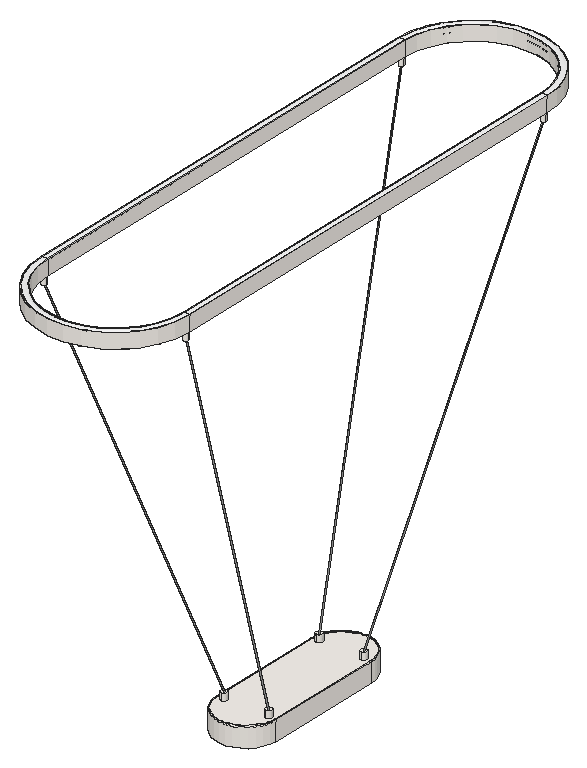
Revit family "AFX-Cole-Sconce++", category Lighting Fixtures, host Face, Revit 2020
Family settings
  Host = Face
  Round Connector Dimension = Use Diameter
  Part Type = Normal
  Cut with Voids When Loaded = No
  Light Source = Yes
  Shared = No
  Room Calculation Point = No
Parameters (values of type "GLOP4812")
  Width = 11 3/4"
  Wattage Comments = "40W"
  Wattage = 19 W
  built-in parameter 1150110 = 1 (stored number, unit not read)
  Voltage = 120 V
  URL = "https://www.afxinc.com/"
  Type Comments = "GLO"  # constant formula
  built-in parameter 1114217 = 1 (stored number, unit not read)
  Tilt Angle = 90.00°
  built-in parameter 1150109 = 1 (stored number, unit not read)
  built-in parameter 1150134 = (empty or 0)
  built-in parameter 1150113 = 1 (stored number, unit not read)
  Screen Finish = AFX - Diffuser
  Revit Model Built By = "https://servex-us.com/servex-revit/"
  Product Documentation Link = "https://www.afxinc.com/products/productDetail.cfm?productID=1926"
  Photometric Web File = "GLOL4812L30D1xx_IES.IES"
  Model = "GLOP4812"
  Manufacturer = "AFX Inc"  # constant formula
  built-in parameter 1150105 = 421.73 (stored number, unit not read)
  Lumens = 2822.3 lm
  built-in parameter 1150115 = 1 (stored number, unit not read)
  built-in parameter 1150137 = (empty or 0)
  built-in parameter 1150139 = (empty or 0)
  Length = 47 1/4"
  built-in parameter 1150112 = 1 (stored number, unit not read)
  built-in parameter 1150114 = 1 (stored number, unit not read)
  Lamp = "LED"
  built-in parameter 1150132 = (empty or 0)
  built-in parameter 1150102 = (empty or 0)
  built-in parameter 1150107 = 3000 (stored number, unit not read)
  built-in parameter 1150138 = (empty or 0)
  built-in parameter 1150106 = 4.2173 (stored number, unit not read)
  Height = 1 1/4"
  Emit from Rectangle Width = Width  # 11 3/4"
  Emit from Rectangle Length = Length  # 47 1/4"
  Emit Shape Visible in Rendering = no
  built-in parameter 1150104 = 13.8 (stored number, unit not read)
  Dimming Lamp Color Temperature Shift = <None>
  Description = "48'' Linear Pendant"
  Default Elevation = 48"
  Color Rendering Index = 90
  Color Filter = 16777215
  Ceiling Dist [instance] = 36"
  Cable Finish = AFX - Stainless Steel
  Body Finish = AFX - Satin Nickel
  built-in parameter 1114218 = 1 (stored number, unit not read)
  built-in parameter 1150133 = 10 (stored number, unit not read)
  Assembly Code = "D5020200"
  Apparent Load = 0 VA
Reference planes (in)
  plane 1 "Center (Front/Back)": y = 0
  plane 2: z = 0
  plane 3 "Center (Left/Right)": x = 0
  plane 4: y = 23.625
  plane 5: y = -23.625
  plane 6: x = -5.875
  plane 7: x = 5.875
  plane 8: z = 36.625
  plane 9: z = 37.25
  plane 10: z = 36
  plane 11: z = 2.06693
  plane 12: z = 35.39691
Forms (in)
  Sweep 1, solid, material "AFX - Satin Nickel" <- "Body Finish"
    path origin (0, 0, 0) x (0, 1, 0) y (-1, 0, 0)
      loop
        line (-4.72441, -2.3622) -> (4.72441, -2.3622)
        arc (4.72441, -2.3622) -> (7.08661, 0) -> (4.72441, 2.3622) r 2.3622
        line (4.72441, 2.3622) -> (-4.72441, 2.3622)
        arc (-4.72441, 2.3622) -> (-7.08661, 0) -> (-4.72441, -2.3622) r 2.3622
    profile origin (2.3622, 0, 0) x (-1, 0, 0) y (0, 0, 1)
      loop
        line (0, 0) -> (0.03125, 0) -> (0.03125, 1.52218)
        arc (0.03125, 1.52218) -> (0.03751, 1.53729) -> (0.05262, 1.54355) r 0.02137
        line (0.05262, 1.54355) -> (0.05262, 1.5748)
        arc (0.05262, 1.5748) -> (0.01541, 1.55939) -> (0, 1.52218) r 0.05262
        line (0, 1.52218) -> (0, 0)
  Extrusion 2, solid, material "AFX - Satin Nickel" <- "Body Finish"
    sketch origin (0, 0, 0) x (0, 1, 0) y (-1, 0, 0)
      loop
        arc (-4.72441, 2.30958) -> (-7.03399, 0) -> (-4.72441, -2.30958) r 2.30958
        line (-4.72441, -2.30958) -> (4.72441, -2.30958)
        arc (4.72441, -2.30958) -> (7.03399, 0) -> (4.72441, 2.30958) r 2.30958
        line (4.72441, 2.30958) -> (-4.72441, 2.30958)
    from 1.54355 to 1.5748
  Extrusion 3, solid, material "AFX - Satin Nickel" <- "Body Finish"
    sketch origin (0, 0, 0) x (0, 1, 0) y (-1, 0, 0)
      loop
        circle (-4.72478, 1.76989) r 0.25
      loop
        circle (4.72478, 1.76989) r 0.25
      loop
        circle (-4.72478, -1.76989) r 0.25
      loop
        circle (4.72478, -1.76989) r 0.25
    from 1.5748 to 2.06693
  Blend 4, solid, material "AFX - Stainless Steel" <- "Cable Finish"
    base sketch origin (0, 0, 0) x (0, 1, 0) y (-1, 0, 0)
      loop
        circle (-4.72478, 1.76989) r 0.03125
    top sketch origin (0, 0, 0) x (0, 1, 0) y (-1, 0, 0)
      loop
        circle (-17.71654, 5.62992) r 0.03125
    from 2.06693 to 35.39691
  Sweep 5, solid, material "AFX - Satin Nickel" <- "Body Finish"
    path origin (180, -23.60649, 37.25) x (1, 0, 0) y (0, 1, 0)
      loop
        arc (-185.89026, 5.88996) -> (-180, -0.0003) -> (-174.10974, 5.88996) r 5.89026
        line (-174.10974, 5.88996) -> (-174.10974, 41.32303)
        arc (-174.10974, 41.32303) -> (-180, 47.21328) -> (-185.89026, 41.32303) r 5.89026
        line (-185.89026, 41.32303) -> (-185.89026, 5.88996)
    profile origin (-5.89026, 0, 37.25) x (-1, 0, 0) y (0, 0, 1)
      loop
        line (0.01526, -0.03691) -> (-0.01599, -0.03691) -> (-0.01599, -0.47023) -> (-0.50468, -0.47023) -> (-0.50468, -0.03691) -> (-0.53593, -0.03691) -> (-0.53593, -1.21309) -> (-0.50468, -1.21309) -> (-0.50468, -0.76895) -> (-0.01599, -0.76895) -> (-0.01599, -1.21309) -> (0.01526, -1.21309) -> (0.01526, -0.03691)
  Blend 6, solid, material "AFX - Stainless Steel" <- "Cable Finish"
    base sketch origin (0, 0, 0) x (0, 1, 0) y (-1, 0, 0)
      loop
        circle (-4.72478, -1.76989) r 0.03125
    top sketch origin (0, 0, 0) x (0, 1, 0) y (-1, 0, 0)
      loop
        circle (-17.71654, -5.62992) r 0.03125
    from 2.06693 to 35.39691
  Sweep 7, solid, material "AFX - Diffuser" <- "Screen Finish"
    path origin (-23.60649, -180, 37.25) x (0, -1, 0) y (1, 0, 0)
      loop
        line (-197.71654, 17.70098) -> (-162.28346, 17.70098)
        arc (-162.28346, 17.70098) -> (-156.37795, 23.60649) -> (-162.28346, 29.512) r 5.90551
        line (-162.28346, 29.512) -> (-197.71654, 29.512)
        arc (-197.71654, 29.512) -> (-203.62205, 23.60649) -> (-197.71654, 17.70098) r 5.90551
    profile origin (-5.90551, 0, 37.25) x (1, 0, 0) y (0, 0, 1)
      loop
        line (0.03125, -0.03691) -> (0.03125, -0.07086)
        arc (0.03125, -0.07086) -> (0.27559, -0.01977) -> (0.51993, -0.07086) r 0.6099
        line (0.51993, -0.07086) -> (0.51993, -0.03691)
        arc (0.51993, -0.03691) -> (0.27559, 0.01148) -> (0.03125, -0.03691) r 0.64115
      loop
        arc (0.03125, -1.21309) -> (0.27559, -1.26148) -> (0.51993, -1.21309) r 0.64115
        line (0.51993, -1.21309) -> (0.51993, -1.17914)
        arc (0.51993, -1.17914) -> (0.27559, -1.23023) -> (0.03125, -1.17914) r 0.6099
        line (0.03125, -1.17914) -> (0.03125, -1.21309)
  Blend 8, solid, material "AFX - Stainless Steel" <- "Cable Finish"
    base sketch origin (0, 0, 0) x (0, -1, 0) y (1, 0, 0)
      loop
        circle (-4.72478, -1.76989) r 0.03125
    top sketch origin (0, 0, 0) x (0, -1, 0) y (1, 0, 0)
      loop
        circle (-17.71654, -5.62992) r 0.03125
    from 2.06693 to 35.39691
  Blend 9, solid, material "AFX - Stainless Steel" <- "Cable Finish"
    base sketch origin (0, 0, 0) x (0, -1, 0) y (1, 0, 0)
      loop
        circle (-4.72478, 1.76989) r 0.03125
    top sketch origin (0, 0, 0) x (0, -1, 0) y (1, 0, 0)
      loop
        circle (-17.71654, 5.62992) r 0.03125
    from 2.06693 to 35.39691
  Extrusion 10, solid, material "AFX - Satin Nickel" <- "Body Finish"
    sketch origin (-23.60649, -180, 36) x (1, 0, 0) y (0, 1, 0)
      loop
        circle (17.97657, 197.71654) r 0.1875
      loop
        circle (29.23641, 197.71654) r 0.1875
      loop
        circle (17.97657, 162.28346) r 0.1875
      loop
        circle (29.23641, 162.28346) r 0.1875
    from -0.60309 to 0
Dimensions and locks (in)
  equal spacing: plane 5, plane 1 "Center (Front/Back)", plane 4
  "Width": plane 6 to plane 7
  equal spacing: plane 6, plane 3 "Center (Left/Right)", plane 7
  "Length": plane 4 to plane 5
  equal spacing: plane 9, plane 8, plane 10
  "Height": plane 9 to plane 10
  locked: Sweep 1 sketch curve to plane 2 at 1.52218
  Sweep 1 sketch curve to plane 1 "Center (Front/Back)" to Sweep 1 sketch curve = 4.72441" locked, 4.72441" locked
  Sweep 1 sketch curve to plane 3 "Center (Left/Right)" to Sweep 1 sketch curve = 2.3622" locked, 2.3622" locked
  locked: plane 4 to Sweep 5 sketch curve at 5.90846
  locked: plane 5 to Sweep 5 sketch curve at 5.90846
  locked: plane 9 to Sweep 5 sketch curve at 0.03691  (x2)
  locked: Sweep 5 sketch curve to plane 10 at 0.03691  (x2)
  profile plane to Sweep 7 sketch curve to Sweep 7 sketch curve = 1/32" locked, 0.48868" locked
  locked: plane 9 to Sweep 7 sketch curve at 0.62967
  locked: Sweep 7 sketch curve to Sweep 7 sketch curve at 0.48868
  Sweep 7 sketch curve to plane 10 = 0.62033"
  locked: plane 6 to Extrusion 10 sketch curve at 0.24508  (x2)
  locked: Extrusion 10 sketch curve to plane 7 at 0.24508  (x2)
  locked: plane 4 to Extrusion 10 sketch curve at 5.90846  (x2)
  locked: plane 5 to Extrusion 10 sketch curve at 5.90846  (x2)
  locked: Blend 8 sketch curve to plane 3 "Center (Left/Right)" at 1.76989
  locked: plane 1 "Center (Front/Back)" to Blend 8 sketch curve at 4.72478
  locked: plane 4 to Blend 8 sketch curve at 5.90846
  locked: plane 6 to Blend 8 sketch curve at 0.24508
  locked: plane 3 "Center (Left/Right)" to Blend 9 sketch curve at 1.76989
  locked: plane 1 "Center (Front/Back)" to Blend 9 sketch curve at 4.72478
  locked: plane 4 to Blend 9 sketch curve at 5.90846
  locked: Blend 9 sketch curve to plane 7 at 0.24508
  locked: Blend 4 sketch curve to plane 3 "Center (Left/Right)" at 1.76989
  locked: Blend 4 sketch curve to plane 1 "Center (Front/Back)" at 4.72478
  locked: plane 5 to Blend 4 sketch curve at 5.90846
  locked: plane 6 to Blend 4 sketch curve at 0.24508
  locked: plane 3 "Center (Left/Right)" to Blend 6 sketch curve at 1.76989
  locked: Blend 6 sketch curve to plane 1 "Center (Front/Back)" at 4.72478
  locked: Blend 6 sketch curve to plane 7 at 0.24508
  locked: plane 5 to Blend 6 sketch curve at 5.90846
  locked: plane 11 to plane 2 at 2.06693
  locked: plane 10 to plane 12 at 0.60309
  "Ceiling Dist": plane 10 to plane 2
  aligned and locked: plane 2 to host face
  aligned and locked: level to host face
  aligned and locked: imposter light to plane 8
  aligned and locked: imposter light to plane 3 "Center (Left/Right)"
  aligned and locked: imposter light to plane 1 "Center (Front/Back)"
  aligned and locked: profile plane to Sweep 1 sketch curve  (x2)
  aligned and locked: Extrusion 2 sketch curve to Sweep 1  (x2)
  aligned and locked: Extrusion 2 to Sweep 1  (x2)
  aligned and locked: plane 3 "Center (Left/Right)" to Sweep 5 sketch curve  (x2)
  aligned and locked: Sweep 7 sketch curve to Sweep 5  (x2)
  aligned and locked: Blend 9 to plane 11
  aligned and locked: Blend 8 to plane 11
  aligned and locked: Blend 6 to plane 11
  aligned and locked: Blend 4 to plane 11
  aligned and locked: plane 11 to Extrusion 3
  aligned and locked: Extrusion 3 to Extrusion 2
  aligned and locked: plane 12 to Blend 9
  aligned and locked: plane 12 to Blend 8
  aligned and locked: plane 12 to Blend 6
  aligned and locked: plane 12 to Blend 4
  aligned and locked: Extrusion 10 to plane 12
  aligned and locked: plane 10 to Extrusion 10
Automatic sketch dimensions
  host sketch curve to host sketch curve = 96"  (x2)
  Sweep 1 sketch curve to Sweep 1 sketch curve = 0"  (x2)
  Sweep 1 sketch curve to Sweep 1 sketch curve = 1/32"
  Sweep 1 sketch curve to Sweep 1 sketch curve = 0.02137"
  plane 3 "Center (Left/Right)" to Extrusion 3 sketch curve = 1.76989"  (x2)
  plane 1 "Center (Front/Back)" to Extrusion 3 sketch curve = 4.72478"
  Extrusion 3 sketch curve to Extrusion 3 sketch curve = 0"  (x2)
  Extrusion 3 sketch curve to plane 1 "Center (Front/Back)" = 4.72478"
  Extrusion 3 sketch curve to plane 3 "Center (Left/Right)" = 1.76989"  (x2)
  Sweep 5 sketch curve to plane 6 = 0.01526"
  profile plane to Sweep 5 sketch curve = 0.53593"
  Sweep 5 sketch curve to Sweep 5 sketch curve = 1/32"  (x2)
  profile plane to Sweep 5 sketch curve = 0.01599"  (x2)
  Sweep 5 sketch curve to profile plane = 0.01526"
  Sweep 5 sketch curve to Sweep 5 sketch curve = 0.44414"
  Sweep 5 sketch curve to Sweep 5 sketch curve = 0.29872"
  Sweep 7 sketch curve to Sweep 7 sketch curve = 0"  (x5)
  Sweep 7 sketch curve to profile plane = 1/32"
  Sweep 7 sketch curve to profile plane = 0.27559"
  Sweep 7 sketch curve to Sweep 7 sketch curve = 0.54947"
  Sweep 7 sketch curve to Sweep 7 sketch curve = 0.03395"  (x2)
  Sweep 7 sketch curve to Sweep 7 sketch curve = 0.00935"
  plane 9 to Sweep 7 sketch curve = 0.07086"
  radius of Extrusion 3 sketch curve = 1/4"  (x4)
  radius of Blend 4 sketch curve = 1/32"  (x2)
  radius of Blend 6 sketch curve = 1/32"  (x2)
  radius of Blend 8 sketch curve = 1/32"  (x2)
  radius of Blend 9 sketch curve = 1/32"  (x2)
  radius of Extrusion 10 sketch curve = 3/16"  (x4)
Connectors (in)
  electrical at (0, 0, 0), driven by "Voltage", driven by "Apparent Load"
    settings: on Sweep 1, index 1, voltage 120 V, apparent load 0 VA, apparent load phase1 0 VA, apparent load phase2 0 VA, apparent load phase3 0 VA, power factor 1, load classification "Lighting", number of poles 1, system type 31, power factor state 1, is connector primary yes, connector utility no, sub classification motor no, connector description ""
